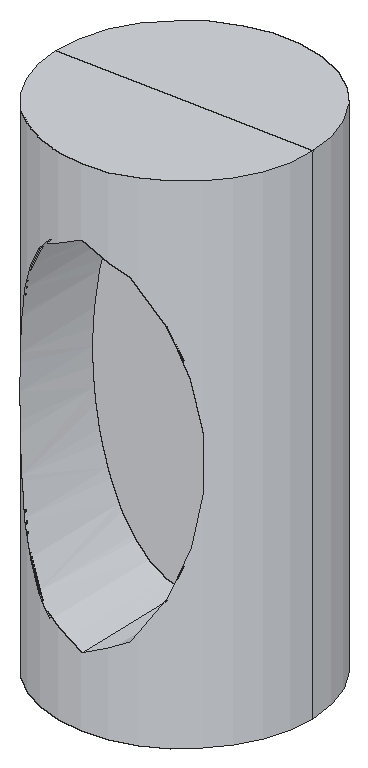
Revit family "Footlight", category Lighting Fixtures, host Face, Revit 2015
Parameters (values of type "Footlight/1W/350mA/927/Aluminium")
  Weight = 60  # constant formula
  built-in parameter 1150103 = 1 W
  Wattage = 1 W  # constant formula
  WarrantyStartDate [instance] = "www.johncullenlighting.co.uk/terms_and_conditions/"  # constant formula
  WarrantyGuarantorParts = "www.johncullenlighting.co.uk/terms_and_conditions/"  # constant formula
  WarrantyGuarantorLabor = "www.johncullenlighting.co.uk/terms_and_conditions/"  # constant formula
  WarrantyDurationUnit = "www.johncullenlighting.co.uk/terms_and_conditions/"  # constant formula
  WarrantyDurationParts = "www.johncullenlighting.co.uk/terms_and_conditions/"  # constant formula
  WarrantyDurationLabor = "www.johncullenlighting.co.uk/terms_and_conditions/"  # constant formula
  WarrantyDescription = "Refer to John Cullen Lighting Ltd - Terms and Conditions document"  # constant formula
  built-in parameter 1150110 = 1 (stored number, unit not read)
  Version = "1"
  Uniclass2 = "Pr_70_70_48_85 Surface luminaires"  # constant formula
  URL = "http://www.johncullenlighting.co.uk/products/interior-lighting/footlight-led/?product_search=footlight"
  Type Comments = "Copyright © John Cullen 2017. John Cullen reserve the right to change the design and specification of our product range without prior notice. E&OE"  # constant formula
  built-in parameter 1114217 = 1 (stored number, unit not read)
  Tilt Angle = 0.00°
  built-in parameter 1150109 = 1 (stored number, unit not read)
  built-in parameter 1150134 = (empty or 0)
  TagNumber [instance] = ""
  SustainabilityPerformance = ""
  built-in parameter 1150113 = 1 (stored number, unit not read)
  SupplyCircuitConductorConnections = "n/a"
  Size = "28(D)x55(H)"  # constant formula
  Shape = "Cylindrical"  # constant formula
  SerialNumber [instance] = "n/a"
  Revision = "n/a"
  ReplacementCost = "n/a"
  ProductInformation = "http://www.johncullenlighting.co.uk/products/interior-lighting/footlight-led/?product_search=footlight"
  PhotometricPerformance = "n/a"
  Photometric Web File = "FootlightAluminium-350.IES"
  NominalWidth = 28 mm  # constant formula
  NominalLength = 28 mm  # constant formula
  NominalHeight = 55 mm  # constant formula
  Name = "Footlight"  # constant formula
  NBSTypeID = "n/a"
  NBSReference = "n/a"
  NBSOfficeMasterTag = "n/a"
  NBSNote = "n/a"
  NBSDescription = "General purpose luminaires are described by characteristics such as standards, photometric performance and supply circuit conductor connections.\r\nAn example use may be within a hard wired general lighting system."  # constant formula
  NBSCertification = "n/a"
  ModelReference = "n/a"
  ModelNumber = "SCMF27101"
  Model = "Footlight"  # constant formula
  MaxAmbientTemperature = 50.00°  # constant formula
  Material = "Aluminium"
  ManufacturerURL = "www.johncullenlighting.co.uk"
  ManufacturerName = "John Cullen Lighting Ltd"  # constant formula
  Manufacturer = "John Cullen Lighting Ltd"  # constant formula
  built-in parameter 1150105 = 24.262 (stored number, unit not read)
  Lumens = 63 lm
  LuminaireType = "n/a"
  LuminairePowerFactor = "n/a"
  LuminaireLumens = "63 lm"  # constant formula
  built-in parameter 1150115 = 1 (stored number, unit not read)
  built-in parameter 1150137 = (empty or 0)
  built-in parameter 1150139 = (empty or 0)
  LampType = "LED"  # constant formula
  LampRating = "n/a"
  LampLumens = "92 lm"  # constant formula
  LampColourTemperature = "2700K"  # constant formula
  LampColourRendering = "≥90 Ra"  # constant formula
  built-in parameter 1150112 = 1 (stored number, unit not read)
  built-in parameter 1150114 = 1 (stored number, unit not read)
  Keynote = "Technical data figures are for guidance only and are subject to ±5% tolerance"  # constant formula
  InternalFuse = "n/a"
  InsulationStandardClass = "Class III"  # constant formula
  InstallationDate [instance] = "Confirm via installer"  # constant formula
  built-in parameter 1150132 = (empty or 0)
  built-in parameter 1150102 = (empty or 0)
  built-in parameter 1150107 = 2700 (stored number, unit not read)
  built-in parameter 1150138 = (empty or 0)
  IngressProtection = "IP10"  # constant formula
  built-in parameter 1150106 = 0.24262 (stored number, unit not read)
  IfcExportType = ""
  IfcExportAs = ""
  Grade = "n/a"
  ForwardVoltage = "2.8V DC"  # constant formula
  Finish = "Aluminium"
  Features = "n/a"
  ExpectedLife = "Lifetime L70/B10 >50,000 hrs"  # constant formula
  built-in parameter 1150104 = 5.8529 (stored number, unit not read)
  Efficacy = "63 lm/W"  # constant formula
  DurationUnit = "year"
  Dimming Lamp Color Temperature Shift = <None>
  Description = "Mini surface mounted display light"  # constant formula
  Default Elevation = 1200 mm
  CurrentRating = "350mA"  # constant formula
  ControlGearPosition = "n/a"
  Constituents = "n/a"
  Color Filter = 16777215
  Color = "Aluminium"
  CodePerformance = "SCMF27101"
  Category = "n/a"
  CableType = "2 Core PVC"  # constant formula
  CableSize = "2 off 7/0.2 Tinned Copper Strands"  # constant formula
  CableLength = 200 mm  # constant formula
  Beam Width = "Extra Wide"  # constant formula
  BarCode [instance] = "n/a"
  BallastCELMAEnergyEfficiencyIndex = "See driver specification"  # constant formula
  built-in parameter 1114218 = 1 (stored number, unit not read)
  BIMObjectName = "Footlight"  # constant formula
  Author = "John Cullen Lighting Ltd"  # constant formula
  built-in parameter 1150133 = 10 (stored number, unit not read)
  AssetType = "n/a"
  AssetIdentifier [instance] = "n/a"
  Assembly Code = "n/a"
  AccessibilityPerformance = "n/a"
Types (2, lengths in mm): name | Photometric Web File | ModelNumber | Finish | Color | CodePerformance
  Footlight/1W/350mA/927/Bronze | "FootlightBronze-350.IES" | "SCMF27061" | "Bronze" | "Bronze" | "SCMF27061"
  Footlight/1W/350mA/927/Aluminium | "FootlightAluminium-350.IES" | "SCMF27101" | "Aluminium" | "Aluminium" | "SCMF27101"
Reference planes
  plane 1 "Center (Front/Back)": y = 0
  plane 2: z = 0
  plane 3 "Center (Left/Right)": x = 0
Forms (mm)
  Revolve 1, solid
    sketch origin (0, 0, 0) x (1, 0, 0) y (0, 0, 1)
      loop
        line (0, 0) -> (0, 55) -> (-13.9, 55) -> (-13.9, 0) -> (0, 0)
      axis (0, 55) -> (0, 0)
    angle from 0 to 360
  Extrusion 2, void
    sketch origin (0, 0, 0) x (1, 0, 0) y (0, 0, 1)
      loop
        spline (0, 7.598) -> (2.588, 8.279) -> (5, 10.277) -> (7.071, 13.456) -> (8.66, 17.598) -> (9.659, 22.421) -> (10, 27.598) -> (9.659, 32.774) -> (8.66, 37.598) -> (7.071, 41.74) -> (5, 44.918) -> (2.588, 46.916) -> (0, 47.598)
        spline (0, 47.598) -> (-2.588, 46.916) -> (-5, 44.918) -> (-7.071, 41.74) -> (-8.66, 37.598) -> (-9.659, 32.774) -> (-10, 27.598) -> (-9.659, 22.421) -> (-8.66, 17.598) -> (-7.071, 13.456) -> (-5, 10.277) -> (-2.588, 8.279) -> (0, 7.598)
    from 0 to 15
Cuts and joins
  Extrusion 2 cuts Revolve 1
Dimensions and locks
  aligned and locked: plane 2 to host face
  aligned and locked: level to host face
